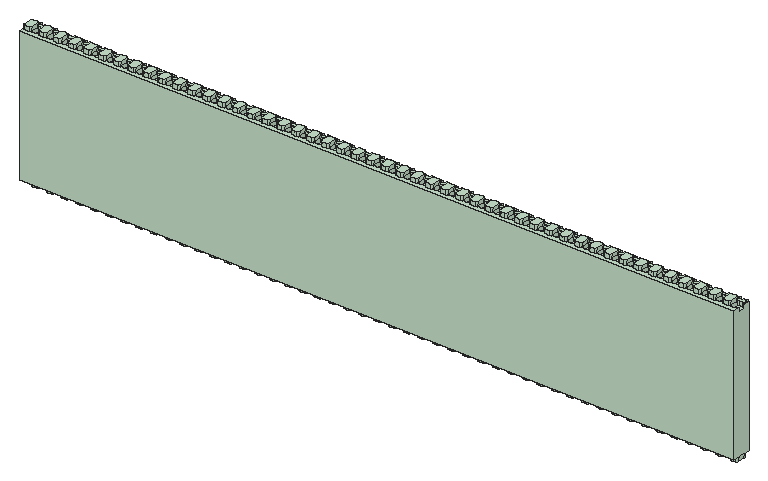
Revit family
Reference planes
  plane 1 "Center (Front/Back)": y = 0
  plane 2: z = 0
  plane 3 "Center (Left/Right)": x = 0
Forms (mm)
  Extrusion 1, solid, material "NUDURA Expanded Polystyrene Foam Insulation"
    sketch origin (0, -0.061, 0) x (1, 0, 0) y (0, 1, 0)
      loop
        line (7.142, -158.75) -> (0, -158.75) -> (0, -219.075) -> (2438.4, -219.075) -> (2438.4, -158.75) -> (2431.258, -158.75) -> (2432.842, -152.4) -> (2418.558, -152.4) -> (2420.142, -158.75) -> (2405.858, -158.75) -> (2407.442, -152.4) -> (2393.158, -152.4) -> (2394.742, -158.75) -> (2380.458, -158.75) -> (2382.042, -152.4) -> (2367.758, -152.4) -> (2369.342, -158.75) -> (2304.258, -158.75) -> (2305.842, -152.4) -> (2291.558, -152.4) -> (2293.142, -158.75) -> (2278.858, -158.75) -> (2280.442, -152.4) -> (2266.158, -152.4) -> (2267.742, -158.75) -> (2253.458, -158.75) -> (2255.042, -152.4) -> (2240.758, -152.4) -> (2242.342, -158.75) -> (2228.058, -158.75) -> (2229.642, -152.4) -> (2215.358, -152.4) -> (2216.942, -158.75) -> (2202.658, -158.75) -> (2204.242, -152.4) -> (2189.958, -152.4) -> (2191.542, -158.75) -> (2177.258, -158.75) -> (2178.842, -152.4) -> (2164.558, -152.4) -> (2166.142, -158.75) -> (2101.058, -158.75) -> (2102.642, -152.4) -> (2088.358, -152.4) -> (2089.942, -158.75) -> (2075.658, -158.75) -> (2077.242, -152.4) -> (2062.958, -152.4) -> (2064.542, -158.75) -> (2050.258, -158.75) -> (2051.842, -152.4) -> (2037.558, -152.4) -> (2039.142, -158.75) -> (2024.858, -158.75) -> (2026.442, -152.4) -> (2012.158, -152.4) -> (2013.742, -158.75) -> (1999.458, -158.75) -> (2001.042, -152.4) -> (1986.758, -152.4) -> (1988.342, -158.75) -> (1974.058, -158.75) -> (1975.642, -152.4) -> (1961.358, -152.4) -> (1962.942, -158.75) -> (1897.858, -158.75) -> (1899.442, -152.4) -> (1885.158, -152.4) -> (1886.742, -158.75) -> (1872.458, -158.75) -> (1874.042, -152.4) -> (1859.758, -152.4) -> (1861.342, -158.75) -> (1847.058, -158.75) -> (1848.642, -152.4) -> (1834.358, -152.4) -> (1835.942, -158.75) -> (1821.658, -158.75) -> (1823.242, -152.4) -> (1808.958, -152.4) -> (1810.542, -158.75) -> (1796.258, -158.75) -> (1797.842, -152.4) -> (1783.558, -152.4) -> (1785.142, -158.75) -> (1770.858, -158.75) -> (1772.442, -152.4) -> (1758.158, -152.4) -> (1759.742, -158.75) -> (1694.658, -158.75) -> (1696.242, -152.4) -> (1681.958, -152.4) -> (1683.542, -158.75) -> (1669.258, -158.75) -> (1670.842, -152.4) -> (1656.558, -152.4) -> (1658.142, -158.75) -> (1643.858, -158.75) -> (1645.442, -152.4) -> (1631.158, -152.4) -> (1632.742, -158.75) -> (1618.458, -158.75) -> (1620.042, -152.4) -> (1605.758, -152.4) -> (1607.342, -158.75) -> (1593.058, -158.75) -> (1594.642, -152.4) -> (1580.358, -152.4) -> (1581.942, -158.75) -> (1567.658, -158.75) -> (1569.242, -152.4) -> (1554.958, -152.4) -> (1556.542, -158.75) -> (1491.458, -158.75) -> (1493.042, -152.4) -> (1478.758, -152.4) -> (1480.342, -158.75) -> (1466.058, -158.75) -> (1467.642, -152.4) -> (1453.358, -152.4) -> (1454.942, -158.75) -> (1440.658, -158.75) -> (1442.242, -152.4) -> (1427.958, -152.4) -> (1429.542, -158.75) -> (1415.258, -158.75) -> (1416.842, -152.4) -> (1402.558, -152.4) -> (1404.142, -158.75) -> (1389.858, -158.75) -> (1391.442, -152.4) -> (1377.158, -152.4) -> (1378.742, -158.75) -> (1364.458, -158.75) -> (1366.042, -152.4) -> (1351.758, -152.4) -> (1353.342, -158.75) -> (1288.258, -158.75) -> (1289.842, -152.4) -> (1275.558, -152.4) -> (1277.142, -158.75) -> (1262.858, -158.75) -> (1264.442, -152.4) -> (1250.158, -152.4) -> (1251.742, -158.75) -> (1237.458, -158.75) -> (1239.042, -152.4) -> (1224.758, -152.4) -> (1226.342, -158.75) -> (1212.058, -158.75) -> (1213.642, -152.4) -> (1199.358, -152.4) -> (1200.942, -158.75) -> (1186.658, -158.75) -> (1188.242, -152.4) -> (1173.958, -152.4) -> (1175.542, -158.75) -> (1161.258, -158.75) -> (1162.842, -152.4) -> (1148.558, -152.4) -> (1150.142, -158.75) -> (1085.058, -158.75) -> (1086.642, -152.4) -> (1072.358, -152.4) -> (1073.942, -158.75) -> (1059.658, -158.75) -> (1061.242, -152.4) -> (1046.958, -152.4) -> (1048.542, -158.75) -> (1034.258, -158.75) -> (1035.842, -152.4) -> (1021.558, -152.4) -> (1023.142, -158.75) -> (1008.858, -158.75) -> (1010.442, -152.4) -> (996.158, -152.4) -> (997.742, -158.75) -> (983.458, -158.75) -> (985.042, -152.4) -> (970.758, -152.4) -> (972.342, -158.75) -> (958.058, -158.75) -> (959.642, -152.4) -> (945.358, -152.4) -> (946.942, -158.75) -> (881.858, -158.75) -> (883.442, -152.4) -> (869.158, -152.4) -> (870.742, -158.75) -> (856.458, -158.75) -> (858.042, -152.4) -> (843.758, -152.4) -> (845.342, -158.75) -> (831.058, -158.75) -> (832.642, -152.4) -> (818.358, -152.4) -> (819.942, -158.75) -> (805.658, -158.75) -> (807.242, -152.4) -> (792.958, -152.4) -> (794.542, -158.75) -> (780.258, -158.75) -> (781.842, -152.4) -> (767.558, -152.4) -> (769.142, -158.75) -> (754.858, -158.75) -> (756.442, -152.4) -> (742.158, -152.4) -> (743.742, -158.75) -> (678.658, -158.75) -> (680.242, -152.4) -> (665.958, -152.4) -> (667.542, -158.75) -> (653.258, -158.75) -> (654.842, -152.4) -> (640.558, -152.4) -> (642.142, -158.75) -> (627.858, -158.75) -> (629.442, -152.4) -> (615.158, -152.4) -> (616.742, -158.75) -> (602.458, -158.75) -> (604.042, -152.4) -> (589.758, -152.4) -> (591.342, -158.75) -> (577.058, -158.75) -> (578.642, -152.4) -> (564.358, -152.4) -> (565.942, -158.75) -> (551.658, -158.75) -> (553.242, -152.4) -> (538.958, -152.4) -> (540.542, -158.75) -> (475.458, -158.75) -> (477.042, -152.4) -> (462.758, -152.4) -> (464.342, -158.75) -> (450.058, -158.75) -> (451.642, -152.4) -> (437.358, -152.4) -> (438.942, -158.75) -> (424.658, -158.75) -> (426.242, -152.4) -> (411.958, -152.4) -> (413.542, -158.75) -> (399.258, -158.75) -> (400.842, -152.4) -> (386.558, -152.4) -> (388.142, -158.75) -> (373.858, -158.75) -> (375.442, -152.4) -> (361.158, -152.4) -> (362.742, -158.75) -> (348.458, -158.75) -> (350.042, -152.4) -> (335.758, -152.4) -> (337.342, -158.75) -> (272.258, -158.75) -> (273.842, -152.4) -> (259.558, -152.4) -> (261.142, -158.75) -> (246.858, -158.75) -> (248.442, -152.4) -> (234.158, -152.4) -> (235.742, -158.75) -> (221.458, -158.75) -> (223.042, -152.4) -> (208.758, -152.4) -> (210.342, -158.75) -> (196.058, -158.75) -> (197.642, -152.4) -> (183.358, -152.4) -> (184.942, -158.75) -> (170.658, -158.75) -> (172.242, -152.4) -> (157.958, -152.4) -> (159.542, -158.75) -> (145.258, -158.75) -> (146.842, -152.4) -> (132.558, -152.4) -> (134.142, -158.75) -> (69.058, -158.75) -> (70.642, -152.4) -> (56.358, -152.4) -> (57.942, -158.75) -> (43.658, -158.75) -> (45.242, -152.4) -> (30.958, -152.4) -> (32.542, -158.75) -> (18.258, -158.75) -> (19.842, -152.4) -> (5.558, -152.4) -> (7.142, -158.75)
    from 0 to 457.2
  Extrusion 2, void
    sketch origin (0, -76.261, 0) x (1, 0, 0) y (0, 1, 0)
      loop
        arc (25.4, -124.411) -> (26.615, -128.147) -> (29.796, -130.453) r 6.35
        arc (29.796, -130.453) -> (38.1, -131.763) -> (46.404, -130.453) r 26.987
        arc (46.404, -130.453) -> (49.585, -128.147) -> (50.8, -124.411) r 6.35
        line (50.8, -124.411) -> (50.8, -101.014)
        arc (50.8, -101.014) -> (50.362, -98.696) -> (49.108, -96.698) r 6.35
        arc (49.108, -96.698) -> (48.795, -96.199) -> (48.685, -95.62) r 1.588
        line (48.685, -95.62) -> (48.685, -86.829) -> (44.346, -86.829) -> (44.346, -92.457)
        arc (44.346, -92.457) -> (43.786, -93.668) -> (42.5, -94.024) r 1.587
        arc (42.5, -94.024) -> (36.091, -93.737) -> (29.796, -94.972) r 26.988
        arc (29.796, -94.972) -> (26.615, -97.278) -> (25.4, -101.014) r 6.35
        line (25.4, -101.014) -> (25.4, -124.411)
    from 457.2 to 444.5
  Extrusion 3, void
    sketch origin (50.8, -76.261, 0) x (1, 0, 0) y (0, 1, 0)
      loop
        arc (25.4, -124.411) -> (26.615, -128.147) -> (29.796, -130.453) r 6.35
        arc (29.796, -130.453) -> (38.1, -131.763) -> (46.404, -130.453) r 26.987
        arc (46.404, -130.453) -> (49.585, -128.147) -> (50.8, -124.411) r 6.35
        line (50.8, -124.411) -> (50.8, -101.014)
        arc (50.8, -101.014) -> (50.362, -98.696) -> (49.108, -96.698) r 6.35
        arc (49.108, -96.698) -> (48.795, -96.199) -> (48.685, -95.62) r 1.588
        line (48.685, -95.62) -> (48.685, -86.829) -> (44.346, -86.829) -> (44.346, -92.457)
        arc (44.346, -92.457) -> (43.786, -93.668) -> (42.5, -94.024) r 1.587
        arc (42.5, -94.024) -> (36.091, -93.737) -> (29.796, -94.972) r 26.988
        arc (29.796, -94.972) -> (26.615, -97.278) -> (25.4, -101.014) r 6.35
        line (25.4, -101.014) -> (25.4, -124.411)
    from 457.2 to 444.5
  Extrusion 4, void
    sketch origin (101.6, -76.261, 0) x (1, 0, 0) y (0, 1, 0)
      loop
        arc (25.4, -124.411) -> (26.615, -128.147) -> (29.796, -130.453) r 6.35
        arc (29.796, -130.453) -> (38.1, -131.763) -> (46.404, -130.453) r 26.987
        arc (46.404, -130.453) -> (49.585, -128.147) -> (50.8, -124.411) r 6.35
        line (50.8, -124.411) -> (50.8, -101.014)
        arc (50.8, -101.014) -> (50.362, -98.696) -> (49.108, -96.698) r 6.35
        arc (49.108, -96.698) -> (48.795, -96.199) -> (48.685, -95.62) r 1.588
        line (48.685, -95.62) -> (48.685, -86.829) -> (44.346, -86.829) -> (44.346, -92.457)
        arc (44.346, -92.457) -> (43.786, -93.668) -> (42.5, -94.024) r 1.587
        arc (42.5, -94.024) -> (36.091, -93.737) -> (29.796, -94.972) r 26.988
        arc (29.796, -94.972) -> (26.615, -97.278) -> (25.4, -101.014) r 6.35
        line (25.4, -101.014) -> (25.4, -124.411)
    from 457.2 to 444.5
  Extrusion 5, void
    sketch origin (152.4, -76.261, 0) x (1, 0, 0) y (0, 1, 0)
      loop
        arc (25.4, -124.411) -> (26.615, -128.147) -> (29.796, -130.453) r 6.35
        arc (29.796, -130.453) -> (38.1, -131.763) -> (46.404, -130.453) r 26.987
        arc (46.404, -130.453) -> (49.585, -128.147) -> (50.8, -124.411) r 6.35
        line (50.8, -124.411) -> (50.8, -101.014)
        arc (50.8, -101.014) -> (50.362, -98.696) -> (49.108, -96.698) r 6.35
        arc (49.108, -96.698) -> (48.795, -96.199) -> (48.685, -95.62) r 1.588
        line (48.685, -95.62) -> (48.685, -86.829) -> (44.346, -86.829) -> (44.346, -92.457)
        arc (44.346, -92.457) -> (43.786, -93.668) -> (42.5, -94.024) r 1.587
        arc (42.5, -94.024) -> (36.091, -93.737) -> (29.796, -94.972) r 26.988
        arc (29.796, -94.972) -> (26.615, -97.278) -> (25.4, -101.014) r 6.35
        line (25.4, -101.014) -> (25.4, -124.411)
    from 457.2 to 444.5
  Extrusion 6, void
    sketch origin (203.2, -76.261, 0) x (1, 0, 0) y (0, 1, 0)
      loop
        arc (25.4, -124.411) -> (26.615, -128.147) -> (29.796, -130.453) r 6.35
        arc (29.796, -130.453) -> (38.1, -131.763) -> (46.404, -130.453) r 26.987
        arc (46.404, -130.453) -> (49.585, -128.147) -> (50.8, -124.411) r 6.35
        line (50.8, -124.411) -> (50.8, -101.014)
        arc (50.8, -101.014) -> (50.362, -98.696) -> (49.108, -96.698) r 6.35
        arc (49.108, -96.698) -> (48.795, -96.199) -> (48.685, -95.62) r 1.588
        line (48.685, -95.62) -> (48.685, -86.829) -> (44.346, -86.829) -> (44.346, -92.457)
        arc (44.346, -92.457) -> (43.786, -93.668) -> (42.5, -94.024) r 1.587
        arc (42.5, -94.024) -> (36.091, -93.737) -> (29.796, -94.972) r 26.988
        arc (29.796, -94.972) -> (26.615, -97.278) -> (25.4, -101.014) r 6.35
        line (25.4, -101.014) -> (25.4, -124.411)
    from 457.2 to 444.5
  Extrusion 7, void
    sketch origin (254, -76.261, 0) x (1, 0, 0) y (0, 1, 0)
      loop
        arc (25.4, -124.411) -> (26.615, -128.147) -> (29.796, -130.453) r 6.35
        arc (29.796, -130.453) -> (38.1, -131.763) -> (46.404, -130.453) r 26.987
        arc (46.404, -130.453) -> (49.585, -128.147) -> (50.8, -124.411) r 6.35
        line (50.8, -124.411) -> (50.8, -101.014)
        arc (50.8, -101.014) -> (50.362, -98.696) -> (49.108, -96.698) r 6.35
        arc (49.108, -96.698) -> (48.795, -96.199) -> (48.685, -95.62) r 1.588
        line (48.685, -95.62) -> (48.685, -86.829) -> (44.346, -86.829) -> (44.346, -92.457)
        arc (44.346, -92.457) -> (43.786, -93.668) -> (42.5, -94.024) r 1.587
        arc (42.5, -94.024) -> (36.091, -93.737) -> (29.796, -94.972) r 26.988
        arc (29.796, -94.972) -> (26.615, -97.278) -> (25.4, -101.014) r 6.35
        line (25.4, -101.014) -> (25.4, -124.411)
    from 457.2 to 444.5
  Extrusion 8, void
    sketch origin (304.8, -76.261, 0) x (1, 0, 0) y (0, 1, 0)
      loop
        arc (25.4, -124.411) -> (26.615, -128.147) -> (29.796, -130.453) r 6.35
        arc (29.796, -130.453) -> (38.1, -131.763) -> (46.404, -130.453) r 26.987
        arc (46.404, -130.453) -> (49.585, -128.147) -> (50.8, -124.411) r 6.35
        line (50.8, -124.411) -> (50.8, -101.014)
        arc (50.8, -101.014) -> (50.362, -98.696) -> (49.108, -96.698) r 6.35
        arc (49.108, -96.698) -> (48.795, -96.199) -> (48.685, -95.62) r 1.588
        line (48.685, -95.62) -> (48.685, -86.829) -> (44.346, -86.829) -> (44.346, -92.457)
        arc (44.346, -92.457) -> (43.786, -93.668) -> (42.5, -94.024) r 1.587
        arc (42.5, -94.024) -> (36.091, -93.737) -> (29.796, -94.972) r 26.988
        arc (29.796, -94.972) -> (26.615, -97.278) -> (25.4, -101.014) r 6.35
        line (25.4, -101.014) -> (25.4, -124.411)
    from 457.2 to 444.5
  Extrusion 9, void
    sketch origin (355.6, -76.261, 0) x (1, 0, 0) y (0, 1, 0)
      loop
        arc (25.4, -124.411) -> (26.615, -128.147) -> (29.796, -130.453) r 6.35
        arc (29.796, -130.453) -> (38.1, -131.763) -> (46.404, -130.453) r 26.987
        arc (46.404, -130.453) -> (49.585, -128.147) -> (50.8, -124.411) r 6.35
        line (50.8, -124.411) -> (50.8, -101.014)
        arc (50.8, -101.014) -> (50.362, -98.696) -> (49.108, -96.698) r 6.35
        arc (49.108, -96.698) -> (48.795, -96.199) -> (48.685, -95.62) r 1.588
        line (48.685, -95.62) -> (48.685, -86.829) -> (44.346, -86.829) -> (44.346, -92.457)
        arc (44.346, -92.457) -> (43.786, -93.668) -> (42.5, -94.024) r 1.587
        arc (42.5, -94.024) -> (36.091, -93.737) -> (29.796, -94.972) r 26.988
        arc (29.796, -94.972) -> (26.615, -97.278) -> (25.4, -101.014) r 6.35
        line (25.4, -101.014) -> (25.4, -124.411)
    from 457.2 to 444.5
  Extrusion 10, void
    sketch origin (406.4, -76.261, 0) x (1, 0, 0) y (0, 1, 0)
      loop
        arc (25.4, -124.411) -> (26.615, -128.147) -> (29.796, -130.453) r 6.35
        arc (29.796, -130.453) -> (38.1, -131.763) -> (46.404, -130.453) r 26.987
        arc (46.404, -130.453) -> (49.585, -128.147) -> (50.8, -124.411) r 6.35
        line (50.8, -124.411) -> (50.8, -101.014)
        arc (50.8, -101.014) -> (50.362, -98.696) -> (49.108, -96.698) r 6.35
        arc (49.108, -96.698) -> (48.795, -96.199) -> (48.685, -95.62) r 1.588
        line (48.685, -95.62) -> (48.685, -86.829) -> (44.346, -86.829) -> (44.346, -92.457)
        arc (44.346, -92.457) -> (43.786, -93.668) -> (42.5, -94.024) r 1.587
        arc (42.5, -94.024) -> (36.091, -93.737) -> (29.796, -94.972) r 26.988
        arc (29.796, -94.972) -> (26.615, -97.278) -> (25.4, -101.014) r 6.35
        line (25.4, -101.014) -> (25.4, -124.411)
    from 457.2 to 444.5
  Extrusion 11, void
    sketch origin (457.2, -76.261, 0) x (1, 0, 0) y (0, 1, 0)
      loop
        arc (25.4, -124.411) -> (26.615, -128.147) -> (29.796, -130.453) r 6.35
        arc (29.796, -130.453) -> (38.1, -131.763) -> (46.404, -130.453) r 26.987
        arc (46.404, -130.453) -> (49.585, -128.147) -> (50.8, -124.411) r 6.35
        line (50.8, -124.411) -> (50.8, -101.014)
        arc (50.8, -101.014) -> (50.362, -98.696) -> (49.108, -96.698) r 6.35
        arc (49.108, -96.698) -> (48.795, -96.199) -> (48.685, -95.62) r 1.588
        line (48.685, -95.62) -> (48.685, -86.829) -> (44.346, -86.829) -> (44.346, -92.457)
        arc (44.346, -92.457) -> (43.786, -93.668) -> (42.5, -94.024) r 1.587
        arc (42.5, -94.024) -> (36.091, -93.737) -> (29.796, -94.972) r 26.988
        arc (29.796, -94.972) -> (26.615, -97.278) -> (25.4, -101.014) r 6.35
        line (25.4, -101.014) -> (25.4, -124.411)
    from 457.2 to 444.5
  Extrusion 12, void
    sketch origin (508, -76.261, 0) x (1, 0, 0) y (0, 1, 0)
      loop
        arc (25.4, -124.411) -> (26.615, -128.147) -> (29.796, -130.453) r 6.35
        arc (29.796, -130.453) -> (38.1, -131.763) -> (46.404, -130.453) r 26.987
        arc (46.404, -130.453) -> (49.585, -128.147) -> (50.8, -124.411) r 6.35
        line (50.8, -124.411) -> (50.8, -101.014)
        arc (50.8, -101.014) -> (50.362, -98.696) -> (49.108, -96.698) r 6.35
        arc (49.108, -96.698) -> (48.795, -96.199) -> (48.685, -95.62) r 1.588
        line (48.685, -95.62) -> (48.685, -86.829) -> (44.346, -86.829) -> (44.346, -92.457)
        arc (44.346, -92.457) -> (43.786, -93.668) -> (42.5, -94.024) r 1.587
        arc (42.5, -94.024) -> (36.091, -93.737) -> (29.796, -94.972) r 26.988
        arc (29.796, -94.972) -> (26.615, -97.278) -> (25.4, -101.014) r 6.35
        line (25.4, -101.014) -> (25.4, -124.411)
    from 457.2 to 444.5
  Extrusion 13, void
    sketch origin (558.8, -76.261, 0) x (1, 0, 0) y (0, 1, 0)
      loop
        arc (25.4, -124.411) -> (26.615, -128.147) -> (29.796, -130.453) r 6.35
        arc (29.796, -130.453) -> (38.1, -131.763) -> (46.404, -130.453) r 26.987
        arc (46.404, -130.453) -> (49.585, -128.147) -> (50.8, -124.411) r 6.35
        line (50.8, -124.411) -> (50.8, -101.014)
        arc (50.8, -101.014) -> (50.362, -98.696) -> (49.108, -96.698) r 6.35
        arc (49.108, -96.698) -> (48.795, -96.199) -> (48.685, -95.62) r 1.588
        line (48.685, -95.62) -> (48.685, -86.829) -> (44.346, -86.829) -> (44.346, -92.457)
        arc (44.346, -92.457) -> (43.786, -93.668) -> (42.5, -94.024) r 1.587
        arc (42.5, -94.024) -> (36.091, -93.737) -> (29.796, -94.972) r 26.988
        arc (29.796, -94.972) -> (26.615, -97.278) -> (25.4, -101.014) r 6.35
        line (25.4, -101.014) -> (25.4, -124.411)
    from 457.2 to 444.5
  Extrusion 14, void
    sketch origin (609.6, -76.261, 0) x (1, 0, 0) y (0, 1, 0)
      loop
        arc (25.4, -124.411) -> (26.615, -128.147) -> (29.796, -130.453) r 6.35
        arc (29.796, -130.453) -> (38.1, -131.763) -> (46.404, -130.453) r 26.987
        arc (46.404, -130.453) -> (49.585, -128.147) -> (50.8, -124.411) r 6.35
        line (50.8, -124.411) -> (50.8, -101.014)
        arc (50.8, -101.014) -> (50.362, -98.696) -> (49.108, -96.698) r 6.35
        arc (49.108, -96.698) -> (48.795, -96.199) -> (48.685, -95.62) r 1.588
        line (48.685, -95.62) -> (48.685, -86.829) -> (44.346, -86.829) -> (44.346, -92.457)
        arc (44.346, -92.457) -> (43.786, -93.668) -> (42.5, -94.024) r 1.587
        arc (42.5, -94.024) -> (36.091, -93.737) -> (29.796, -94.972) r 26.988
        arc (29.796, -94.972) -> (26.615, -97.278) -> (25.4, -101.014) r 6.35
        line (25.4, -101.014) -> (25.4, -124.411)
    from 457.2 to 444.5
  Extrusion 15, void
    sketch origin (660.4, -76.261, 0) x (1, 0, 0) y (0, 1, 0)
      loop
        arc (25.4, -124.411) -> (26.615, -128.147) -> (29.796, -130.453) r 6.35
        arc (29.796, -130.453) -> (38.1, -131.763) -> (46.404, -130.453) r 26.987
        arc (46.404, -130.453) -> (49.585, -128.147) -> (50.8, -124.411) r 6.35
        line (50.8, -124.411) -> (50.8, -101.014)
        arc (50.8, -101.014) -> (50.362, -98.696) -> (49.108, -96.698) r 6.35
        arc (49.108, -96.698) -> (48.795, -96.199) -> (48.685, -95.62) r 1.588
        line (48.685, -95.62) -> (48.685, -86.829) -> (44.346, -86.829) -> (44.346, -92.457)
        arc (44.346, -92.457) -> (43.786, -93.668) -> (42.5, -94.024) r 1.587
        arc (42.5, -94.024) -> (36.091, -93.737) -> (29.796, -94.972) r 26.988
        arc (29.796, -94.972) -> (26.615, -97.278) -> (25.4, -101.014) r 6.35
        line (25.4, -101.014) -> (25.4, -124.411)
    from 457.2 to 444.5
  Extrusion 16, void
    sketch origin (711.2, -76.261, 0) x (1, 0, 0) y (0, 1, 0)
      loop
        arc (25.4, -124.411) -> (26.615, -128.147) -> (29.796, -130.453) r 6.35
        arc (29.796, -130.453) -> (38.1, -131.763) -> (46.404, -130.453) r 26.987
        arc (46.404, -130.453) -> (49.585, -128.147) -> (50.8, -124.411) r 6.35
        line (50.8, -124.411) -> (50.8, -101.014)
        arc (50.8, -101.014) -> (50.362, -98.696) -> (49.108, -96.698) r 6.35
        arc (49.108, -96.698) -> (48.795, -96.199) -> (48.685, -95.62) r 1.588
        line (48.685, -95.62) -> (48.685, -86.829) -> (44.346, -86.829) -> (44.346, -92.457)
        arc (44.346, -92.457) -> (43.786, -93.668) -> (42.5, -94.024) r 1.587
        arc (42.5, -94.024) -> (36.091, -93.737) -> (29.796, -94.972) r 26.988
        arc (29.796, -94.972) -> (26.615, -97.278) -> (25.4, -101.014) r 6.35
        line (25.4, -101.014) -> (25.4, -124.411)
    from 457.2 to 444.5
  Extrusion 17, void
    sketch origin (762, -76.261, 0) x (1, 0, 0) y (0, 1, 0)
      loop
        arc (25.4, -124.411) -> (26.615, -128.147) -> (29.796, -130.453) r 6.35
        arc (29.796, -130.453) -> (38.1, -131.763) -> (46.404, -130.453) r 26.987
        arc (46.404, -130.453) -> (49.585, -128.147) -> (50.8, -124.411) r 6.35
        line (50.8, -124.411) -> (50.8, -101.014)
        arc (50.8, -101.014) -> (50.362, -98.696) -> (49.108, -96.698) r 6.35
        arc (49.108, -96.698) -> (48.795, -96.199) -> (48.685, -95.62) r 1.588
        line (48.685, -95.62) -> (48.685, -86.829) -> (44.346, -86.829) -> (44.346, -92.457)
        arc (44.346, -92.457) -> (43.786, -93.668) -> (42.5, -94.024) r 1.587
        arc (42.5, -94.024) -> (36.091, -93.737) -> (29.796, -94.972) r 26.988
        arc (29.796, -94.972) -> (26.615, -97.278) -> (25.4, -101.014) r 6.35
        line (25.4, -101.014) -> (25.4, -124.411)
    from 457.2 to 444.5
  Extrusion 18, void
    sketch origin (812.8, -76.261, 0) x (1, 0, 0) y (0, 1, 0)
      loop
        arc (25.4, -124.411) -> (26.615, -128.147) -> (29.796, -130.453) r 6.35
        arc (29.796, -130.453) -> (38.1, -131.763) -> (46.404, -130.453) r 26.987
        arc (46.404, -130.453) -> (49.585, -128.147) -> (50.8, -124.411) r 6.35
        line (50.8, -124.411) -> (50.8, -101.014)
        arc (50.8, -101.014) -> (50.362, -98.696) -> (49.108, -96.698) r 6.35
        arc (49.108, -96.698) -> (48.795, -96.199) -> (48.685, -95.62) r 1.588
        line (48.685, -95.62) -> (48.685, -86.829) -> (44.346, -86.829) -> (44.346, -92.457)
        arc (44.346, -92.457) -> (43.786, -93.668) -> (42.5, -94.024) r 1.587
        arc (42.5, -94.024) -> (36.091, -93.737) -> (29.796, -94.972) r 26.988
        arc (29.796, -94.972) -> (26.615, -97.278) -> (25.4, -101.014) r 6.35
        line (25.4, -101.014) -> (25.4, -124.411)
    from 457.2 to 444.5
  Extrusion 19, void
    sketch origin (863.6, -76.261, 0) x (1, 0, 0) y (0, 1, 0)
      loop
        arc (25.4, -124.411) -> (26.615, -128.147) -> (29.796, -130.453) r 6.35
        arc (29.796, -130.453) -> (38.1, -131.763) -> (46.404, -130.453) r 26.987
        arc (46.404, -130.453) -> (49.585, -128.147) -> (50.8, -124.411) r 6.35
        line (50.8, -124.411) -> (50.8, -101.014)
        arc (50.8, -101.014) -> (50.362, -98.696) -> (49.108, -96.698) r 6.35
        arc (49.108, -96.698) -> (48.795, -96.199) -> (48.685, -95.62) r 1.588
        line (48.685, -95.62) -> (48.685, -86.829) -> (44.346, -86.829) -> (44.346, -92.457)
        arc (44.346, -92.457) -> (43.786, -93.668) -> (42.5, -94.024) r 1.587
        arc (42.5, -94.024) -> (36.091, -93.737) -> (29.796, -94.972) r 26.988
        arc (29.796, -94.972) -> (26.615, -97.278) -> (25.4, -101.014) r 6.35
        line (25.4, -101.014) -> (25.4, -124.411)
    from 457.2 to 444.5
  Extrusion 20, void
    sketch origin (914.4, -76.261, 0) x (1, 0, 0) y (0, 1, 0)
      loop
        arc (25.4, -124.411) -> (26.615, -128.147) -> (29.796, -130.453) r 6.35
        arc (29.796, -130.453) -> (38.1, -131.763) -> (46.404, -130.453) r 26.987
        arc (46.404, -130.453) -> (49.585, -128.147) -> (50.8, -124.411) r 6.35
        line (50.8, -124.411) -> (50.8, -101.014)
        arc (50.8, -101.014) -> (50.362, -98.696) -> (49.108, -96.698) r 6.35
        arc (49.108, -96.698) -> (48.795, -96.199) -> (48.685, -95.62) r 1.588
        line (48.685, -95.62) -> (48.685, -86.829) -> (44.346, -86.829) -> (44.346, -92.457)
        arc (44.346, -92.457) -> (43.786, -93.668) -> (42.5, -94.024) r 1.587
        arc (42.5, -94.024) -> (36.091, -93.737) -> (29.796, -94.972) r 26.988
        arc (29.796, -94.972) -> (26.615, -97.278) -> (25.4, -101.014) r 6.35
        line (25.4, -101.014) -> (25.4, -124.411)
    from 457.2 to 444.5
  Extrusion 21, void
    sketch origin (965.2, -76.261, 0) x (1, 0, 0) y (0, 1, 0)
      loop
        arc (25.4, -124.411) -> (26.615, -128.147) -> (29.796, -130.453) r 6.35
        arc (29.796, -130.453) -> (38.1, -131.763) -> (46.404, -130.453) r 26.987
        arc (46.404, -130.453) -> (49.585, -128.147) -> (50.8, -124.411) r 6.35
        line (50.8, -124.411) -> (50.8, -101.014)
        arc (50.8, -101.014) -> (50.362, -98.696) -> (49.108, -96.698) r 6.35
        arc (49.108, -96.698) -> (48.795, -96.199) -> (48.685, -95.62) r 1.588
        line (48.685, -95.62) -> (48.685, -86.829) -> (44.346, -86.829) -> (44.346, -92.457)
        arc (44.346, -92.457) -> (43.786, -93.668) -> (42.5, -94.024) r 1.587
        arc (42.5, -94.024) -> (36.091, -93.737) -> (29.796, -94.972) r 26.988
        arc (29.796, -94.972) -> (26.615, -97.278) -> (25.4, -101.014) r 6.35
        line (25.4, -101.014) -> (25.4, -124.411)
    from 457.2 to 444.5
  Extrusion 22, void
    sketch origin (1016, -76.261, 0) x (1, 0, 0) y (0, 1, 0)
      loop
        arc (25.4, -124.411) -> (26.615, -128.147) -> (29.796, -130.453) r 6.35
        arc (29.796, -130.453) -> (38.1, -131.763) -> (46.404, -130.453) r 26.987
        arc (46.404, -130.453) -> (49.585, -128.147) -> (50.8, -124.411) r 6.35
        line (50.8, -124.411) -> (50.8, -101.014)
        arc (50.8, -101.014) -> (50.362, -98.696) -> (49.108, -96.698) r 6.35
        arc (49.108, -96.698) -> (48.795, -96.199) -> (48.685, -95.62) r 1.588
        line (48.685, -95.62) -> (48.685, -86.829) -> (44.346, -86.829) -> (44.346, -92.457)
        arc (44.346, -92.457) -> (43.786, -93.668) -> (42.5, -94.024) r 1.587
        arc (42.5, -94.024) -> (36.091, -93.737) -> (29.796, -94.972) r 26.988
        arc (29.796, -94.972) -> (26.615, -97.278) -> (25.4, -101.014) r 6.35
        line (25.4, -101.014) -> (25.4, -124.411)
    from 457.2 to 444.5
  Extrusion 23, void
    sketch origin (1066.8, -76.261, 0) x (1, 0, 0) y (0, 1, 0)
      loop
        arc (25.4, -124.411) -> (26.615, -128.147) -> (29.796, -130.453) r 6.35
        arc (29.796, -130.453) -> (38.1, -131.763) -> (46.404, -130.453) r 26.987
        arc (46.404, -130.453) -> (49.585, -128.147) -> (50.8, -124.411) r 6.35
        line (50.8, -124.411) -> (50.8, -101.014)
        arc (50.8, -101.014) -> (50.362, -98.696) -> (49.108, -96.698) r 6.35
        arc (49.108, -96.698) -> (48.795, -96.199) -> (48.685, -95.62) r 1.588
        line (48.685, -95.62) -> (48.685, -86.829) -> (44.346, -86.829) -> (44.346, -92.457)
        arc (44.346, -92.457) -> (43.786, -93.668) -> (42.5, -94.024) r 1.587
        arc (42.5, -94.024) -> (36.091, -93.737) -> (29.796, -94.972) r 26.988
        arc (29.796, -94.972) -> (26.615, -97.278) -> (25.4, -101.014) r 6.35
        line (25.4, -101.014) -> (25.4, -124.411)
    from 457.2 to 444.5
  Extrusion 24, void
    sketch origin (1117.6, -76.261, 0) x (1, 0, 0) y (0, 1, 0)
      loop
        arc (25.4, -124.411) -> (26.615, -128.147) -> (29.796, -130.453) r 6.35
        arc (29.796, -130.453) -> (38.1, -131.763) -> (46.404, -130.453) r 26.987
        arc (46.404, -130.453) -> (49.585, -128.147) -> (50.8, -124.411) r 6.35
        line (50.8, -124.411) -> (50.8, -101.014)
        arc (50.8, -101.014) -> (50.362, -98.696) -> (49.108, -96.698) r 6.35
        arc (49.108, -96.698) -> (48.795, -96.199) -> (48.685, -95.62) r 1.588
        line (48.685, -95.62) -> (48.685, -86.829) -> (44.346, -86.829) -> (44.346, -92.457)
        arc (44.346, -92.457) -> (43.786, -93.668) -> (42.5, -94.024) r 1.587
        arc (42.5, -94.024) -> (36.091, -93.737) -> (29.796, -94.972) r 26.988
        arc (29.796, -94.972) -> (26.615, -97.278) -> (25.4, -101.014) r 6.35
        line (25.4, -101.014) -> (25.4, -124.411)
    from 457.2 to 444.5
  Extrusion 25, void
    sketch origin (1168.4, -76.261, 0) x (1, 0, 0) y (0, 1, 0)
      loop
        arc (25.4, -124.411) -> (26.615, -128.147) -> (29.796, -130.453) r 6.35
        arc (29.796, -130.453) -> (38.1, -131.763) -> (46.404, -130.453) r 26.987
        arc (46.404, -130.453) -> (49.585, -128.147) -> (50.8, -124.411) r 6.35
        line (50.8, -124.411) -> (50.8, -101.014)
        arc (50.8, -101.014) -> (50.362, -98.696) -> (49.108, -96.698) r 6.35
        arc (49.108, -96.698) -> (48.795, -96.199) -> (48.685, -95.62) r 1.588
        line (48.685, -95.62) -> (48.685, -86.829) -> (44.346, -86.829) -> (44.346, -92.457)
        arc (44.346, -92.457) -> (43.786, -93.668) -> (42.5, -94.024) r 1.587
        arc (42.5, -94.024) -> (36.091, -93.737) -> (29.796, -94.972) r 26.988
        arc (29.796, -94.972) -> (26.615, -97.278) -> (25.4, -101.014) r 6.35
        line (25.4, -101.014) -> (25.4, -124.411)
    from 457.2 to 444.5
  Extrusion 26, void
    sketch origin (1219.2, -76.261, 0) x (1, 0, 0) y (0, 1, 0)
      loop
        arc (25.4, -124.411) -> (26.615, -128.147) -> (29.796, -130.453) r 6.35
        arc (29.796, -130.453) -> (38.1, -131.763) -> (46.404, -130.453) r 26.987
        arc (46.404, -130.453) -> (49.585, -128.147) -> (50.8, -124.411) r 6.35
        line (50.8, -124.411) -> (50.8, -101.014)
        arc (50.8, -101.014) -> (50.362, -98.696) -> (49.108, -96.698) r 6.35
        arc (49.108, -96.698) -> (48.795, -96.199) -> (48.685, -95.62) r 1.588
        line (48.685, -95.62) -> (48.685, -86.829) -> (44.346, -86.829) -> (44.346, -92.457)
        arc (44.346, -92.457) -> (43.786, -93.668) -> (42.5, -94.024) r 1.587
        arc (42.5, -94.024) -> (36.091, -93.737) -> (29.796, -94.972) r 26.988
        arc (29.796, -94.972) -> (26.615, -97.278) -> (25.4, -101.014) r 6.35
        line (25.4, -101.014) -> (25.4, -124.411)
    from 457.2 to 444.5
  Extrusion 27, void
    sketch origin (1270, -76.261, 0) x (1, 0, 0) y (0, 1, 0)
      loop
        arc (25.4, -124.411) -> (26.615, -128.147) -> (29.796, -130.453) r 6.35
        arc (29.796, -130.453) -> (38.1, -131.763) -> (46.404, -130.453) r 26.987
        arc (46.404, -130.453) -> (49.585, -128.147) -> (50.8, -124.411) r 6.35
        line (50.8, -124.411) -> (50.8, -101.014)
        arc (50.8, -101.014) -> (50.362, -98.696) -> (49.108, -96.698) r 6.35
        arc (49.108, -96.698) -> (48.795, -96.199) -> (48.685, -95.62) r 1.588
        line (48.685, -95.62) -> (48.685, -86.829) -> (44.346, -86.829) -> (44.346, -92.457)
        arc (44.346, -92.457) -> (43.786, -93.668) -> (42.5, -94.024) r 1.587
        arc (42.5, -94.024) -> (36.091, -93.737) -> (29.796, -94.972) r 26.988
        arc (29.796, -94.972) -> (26.615, -97.278) -> (25.4, -101.014) r 6.35
        line (25.4, -101.014) -> (25.4, -124.411)
    from 457.2 to 444.5
  Extrusion 28, void
    sketch origin (1320.8, -76.261, 0) x (1, 0, 0) y (0, 1, 0)
      loop
        arc (25.4, -124.411) -> (26.615, -128.147) -> (29.796, -130.453) r 6.35
        arc (29.796, -130.453) -> (38.1, -131.763) -> (46.404, -130.453) r 26.987
        arc (46.404, -130.453) -> (49.585, -128.147) -> (50.8, -124.411) r 6.35
        line (50.8, -124.411) -> (50.8, -101.014)
        arc (50.8, -101.014) -> (50.362, -98.696) -> (49.108, -96.698) r 6.35
        arc (49.108, -96.698) -> (48.795, -96.199) -> (48.685, -95.62) r 1.588
        line (48.685, -95.62) -> (48.685, -86.829) -> (44.346, -86.829) -> (44.346, -92.457)
        arc (44.346, -92.457) -> (43.786, -93.668) -> (42.5, -94.024) r 1.587
        arc (42.5, -94.024) -> (36.091, -93.737) -> (29.796, -94.972) r 26.988
        arc (29.796, -94.972) -> (26.615, -97.278) -> (25.4, -101.014) r 6.35
        line (25.4, -101.014) -> (25.4, -124.411)
    from 457.2 to 444.5
  Extrusion 29, void
    sketch origin (1371.6, -76.261, 0) x (1, 0, 0) y (0, 1, 0)
      loop
        arc (25.4, -124.411) -> (26.615, -128.147) -> (29.796, -130.453) r 6.35
        arc (29.796, -130.453) -> (38.1, -131.763) -> (46.404, -130.453) r 26.987
        arc (46.404, -130.453) -> (49.585, -128.147) -> (50.8, -124.411) r 6.35
        line (50.8, -124.411) -> (50.8, -101.014)
        arc (50.8, -101.014) -> (50.362, -98.696) -> (49.108, -96.698) r 6.35
        arc (49.108, -96.698) -> (48.795, -96.199) -> (48.685, -95.62) r 1.588
        line (48.685, -95.62) -> (48.685, -86.829) -> (44.346, -86.829) -> (44.346, -92.457)
        arc (44.346, -92.457) -> (43.786, -93.668) -> (42.5, -94.024) r 1.587
        arc (42.5, -94.024) -> (36.091, -93.737) -> (29.796, -94.972) r 26.988
        arc (29.796, -94.972) -> (26.615, -97.278) -> (25.4, -101.014) r 6.35
        line (25.4, -101.014) -> (25.4, -124.411)
    from 457.2 to 444.5
  Extrusion 30, void
    sketch origin (1422.4, -76.261, 0) x (1, 0, 0) y (0, 1, 0)
      loop
        arc (25.4, -124.411) -> (26.615, -128.147) -> (29.796, -130.453) r 6.35
        arc (29.796, -130.453) -> (38.1, -131.763) -> (46.404, -130.453) r 26.987
        arc (46.404, -130.453) -> (49.585, -128.147) -> (50.8, -124.411) r 6.35
        line (50.8, -124.411) -> (50.8, -101.014)
        arc (50.8, -101.014) -> (50.362, -98.696) -> (49.108, -96.698) r 6.35
        arc (49.108, -96.698) -> (48.795, -96.199) -> (48.685, -95.62) r 1.588
        line (48.685, -95.62) -> (48.685, -86.829) -> (44.346, -86.829) -> (44.346, -92.457)
        arc (44.346, -92.457) -> (43.786, -93.668) -> (42.5, -94.024) r 1.587
        arc (42.5, -94.024) -> (36.091, -93.737) -> (29.796, -94.972) r 26.988
        arc (29.796, -94.972) -> (26.615, -97.278) -> (25.4, -101.014) r 6.35
        line (25.4, -101.014) -> (25.4, -124.411)
    from 457.2 to 444.5
  Extrusion 31, void
    sketch origin (1473.2, -76.261, 0) x (1, 0, 0) y (0, 1, 0)
      loop
        arc (25.4, -124.411) -> (26.615, -128.147) -> (29.796, -130.453) r 6.35
        arc (29.796, -130.453) -> (38.1, -131.763) -> (46.404, -130.453) r 26.987
        arc (46.404, -130.453) -> (49.585, -128.147) -> (50.8, -124.411) r 6.35
        line (50.8, -124.411) -> (50.8, -101.014)
        arc (50.8, -101.014) -> (50.362, -98.696) -> (49.108, -96.698) r 6.35
        arc (49.108, -96.698) -> (48.795, -96.199) -> (48.685, -95.62) r 1.588
        line (48.685, -95.62) -> (48.685, -86.829) -> (44.346, -86.829) -> (44.346, -92.457)
        arc (44.346, -92.457) -> (43.786, -93.668) -> (42.5, -94.024) r 1.587
        arc (42.5, -94.024) -> (36.091, -93.737) -> (29.796, -94.972) r 26.988
        arc (29.796, -94.972) -> (26.615, -97.278) -> (25.4, -101.014) r 6.35
        line (25.4, -101.014) -> (25.4, -124.411)
    from 457.2 to 444.5
  Extrusion 32, void
    sketch origin (1524, -76.261, 0) x (1, 0, 0) y (0, 1, 0)
      loop
        arc (25.4, -124.411) -> (26.615, -128.147) -> (29.796, -130.453) r 6.35
        arc (29.796, -130.453) -> (38.1, -131.763) -> (46.404, -130.453) r 26.987
        arc (46.404, -130.453) -> (49.585, -128.147) -> (50.8, -124.411) r 6.35
        line (50.8, -124.411) -> (50.8, -101.014)
        arc (50.8, -101.014) -> (50.362, -98.696) -> (49.108, -96.698) r 6.35
        arc (49.108, -96.698) -> (48.795, -96.199) -> (48.685, -95.62) r 1.588
        line (48.685, -95.62) -> (48.685, -86.829) -> (44.346, -86.829) -> (44.346, -92.457)
        arc (44.346, -92.457) -> (43.786, -93.668) -> (42.5, -94.024) r 1.587
        arc (42.5, -94.024) -> (36.091, -93.737) -> (29.796, -94.972) r 26.988
        arc (29.796, -94.972) -> (26.615, -97.278) -> (25.4, -101.014) r 6.35
        line (25.4, -101.014) -> (25.4, -124.411)
    from 457.2 to 444.5
  Extrusion 33, void
    sketch origin (1574.8, -76.261, 0) x (1, 0, 0) y (0, 1, 0)
      loop
        arc (25.4, -124.411) -> (26.615, -128.147) -> (29.796, -130.453) r 6.35
        arc (29.796, -130.453) -> (38.1, -131.763) -> (46.404, -130.453) r 26.987
        arc (46.404, -130.453) -> (49.585, -128.147) -> (50.8, -124.411) r 6.35
        line (50.8, -124.411) -> (50.8, -101.014)
        arc (50.8, -101.014) -> (50.362, -98.696) -> (49.108, -96.698) r 6.35
        arc (49.108, -96.698) -> (48.795, -96.199) -> (48.685, -95.62) r 1.588
        line (48.685, -95.62) -> (48.685, -86.829) -> (44.346, -86.829) -> (44.346, -92.457)
        arc (44.346, -92.457) -> (43.786, -93.668) -> (42.5, -94.024) r 1.587
        arc (42.5, -94.024) -> (36.091, -93.737) -> (29.796, -94.972) r 26.988
        arc (29.796, -94.972) -> (26.615, -97.278) -> (25.4, -101.014) r 6.35
        line (25.4, -101.014) -> (25.4, -124.411)
    from 457.2 to 444.5
  Extrusion 34, void
    sketch origin (1625.6, -76.261, 0) x (1, 0, 0) y (0, 1, 0)
      loop
        arc (25.4, -124.411) -> (26.615, -128.147) -> (29.796, -130.453) r 6.35
        arc (29.796, -130.453) -> (38.1, -131.763) -> (46.404, -130.453) r 26.987
        arc (46.404, -130.453) -> (49.585, -128.147) -> (50.8, -124.411) r 6.35
        line (50.8, -124.411) -> (50.8, -101.014)
        arc (50.8, -101.014) -> (50.362, -98.696) -> (49.108, -96.698) r 6.35
        arc (49.108, -96.698) -> (48.795, -96.199) -> (48.685, -95.62) r 1.588
        line (48.685, -95.62) -> (48.685, -86.829) -> (44.346, -86.829) -> (44.346, -92.457)
        arc (44.346, -92.457) -> (43.786, -93.668) -> (42.5, -94.024) r 1.587
        arc (42.5, -94.024) -> (36.091, -93.737) -> (29.796, -94.972) r 26.988
        arc (29.796, -94.972) -> (26.615, -97.278) -> (25.4, -101.014) r 6.35
        line (25.4, -101.014) -> (25.4, -124.411)
    from 457.2 to 444.5
  Extrusion 35, void
    sketch origin (1676.4, -76.261, 0) x (1, 0, 0) y (0, 1, 0)
      loop
        arc (25.4, -124.411) -> (26.615, -128.147) -> (29.796, -130.453) r 6.35
        arc (29.796, -130.453) -> (38.1, -131.763) -> (46.404, -130.453) r 26.987
        arc (46.404, -130.453) -> (49.585, -128.147) -> (50.8, -124.411) r 6.35
        line (50.8, -124.411) -> (50.8, -101.014)
        arc (50.8, -101.014) -> (50.362, -98.696) -> (49.108, -96.698) r 6.35
        arc (49.108, -96.698) -> (48.795, -96.199) -> (48.685, -95.62) r 1.588
        line (48.685, -95.62) -> (48.685, -86.829) -> (44.346, -86.829) -> (44.346, -92.457)
        arc (44.346, -92.457) -> (43.786, -93.668) -> (42.5, -94.024) r 1.587
        arc (42.5, -94.024) -> (36.091, -93.737) -> (29.796, -94.972) r 26.988
        arc (29.796, -94.972) -> (26.615, -97.278) -> (25.4, -101.014) r 6.35
        line (25.4, -101.014) -> (25.4, -124.411)
    from 457.2 to 444.5
  Extrusion 36, void
    sketch origin (1727.2, -76.261, 0) x (1, 0, 0) y (0, 1, 0)
      loop
        arc (25.4, -124.411) -> (26.615, -128.147) -> (29.796, -130.453) r 6.35
        arc (29.796, -130.453) -> (38.1, -131.763) -> (46.404, -130.453) r 26.987
        arc (46.404, -130.453) -> (49.585, -128.147) -> (50.8, -124.411) r 6.35
        line (50.8, -124.411) -> (50.8, -101.014)
        arc (50.8, -101.014) -> (50.362, -98.696) -> (49.108, -96.698) r 6.35
        arc (49.108, -96.698) -> (48.795, -96.199) -> (48.685, -95.62) r 1.588
        line (48.685, -95.62) -> (48.685, -86.829) -> (44.346, -86.829) -> (44.346, -92.457)
        arc (44.346, -92.457) -> (43.786, -93.668) -> (42.5, -94.024) r 1.587
        arc (42.5, -94.024) -> (36.091, -93.737) -> (29.796, -94.972) r 26.988
        arc (29.796, -94.972) -> (26.615, -97.278) -> (25.4, -101.014) r 6.35
        line (25.4, -101.014) -> (25.4, -124.411)
    from 457.2 to 444.5
  Extrusion 37, void
    sketch origin (1778, -76.261, 0) x (1, 0, 0) y (0, 1, 0)
      loop
        arc (25.4, -124.411) -> (26.615, -128.147) -> (29.796, -130.453) r 6.35
        arc (29.796, -130.453) -> (38.1, -131.763) -> (46.404, -130.453) r 26.987
        arc (46.404, -130.453) -> (49.585, -128.147) -> (50.8, -124.411) r 6.35
        line (50.8, -124.411) -> (50.8, -101.014)
        arc (50.8, -101.014) -> (50.362, -98.696) -> (49.108, -96.698) r 6.35
        arc (49.108, -96.698) -> (48.795, -96.199) -> (48.685, -95.62) r 1.588
        line (48.685, -95.62) -> (48.685, -86.829) -> (44.346, -86.829) -> (44.346, -92.457)
        arc (44.346, -92.457) -> (43.786, -93.668) -> (42.5, -94.024) r 1.587
        arc (42.5, -94.024) -> (36.091, -93.737) -> (29.796, -94.972) r 26.988
        arc (29.796, -94.972) -> (26.615, -97.278) -> (25.4, -101.014) r 6.35
        line (25.4, -101.014) -> (25.4, -124.411)
    from 457.2 to 444.5
  Extrusion 38, void
    sketch origin (1828.8, -76.261, 0) x (1, 0, 0) y (0, 1, 0)
      loop
        arc (25.4, -124.411) -> (26.615, -128.147) -> (29.796, -130.453) r 6.35
        arc (29.796, -130.453) -> (38.1, -131.763) -> (46.404, -130.453) r 26.987
        arc (46.404, -130.453) -> (49.585, -128.147) -> (50.8, -124.411) r 6.35
        line (50.8, -124.411) -> (50.8, -101.014)
        arc (50.8, -101.014) -> (50.362, -98.696) -> (49.108, -96.698) r 6.35
        arc (49.108, -96.698) -> (48.795, -96.199) -> (48.685, -95.62) r 1.588
        line (48.685, -95.62) -> (48.685, -86.829) -> (44.346, -86.829) -> (44.346, -92.457)
        arc (44.346, -92.457) -> (43.786, -93.668) -> (42.5, -94.024) r 1.587
        arc (42.5, -94.024) -> (36.091, -93.737) -> (29.796, -94.972) r 26.988
        arc (29.796, -94.972) -> (26.615, -97.278) -> (25.4, -101.014) r 6.35
        line (25.4, -101.014) -> (25.4, -124.411)
    from 457.2 to 444.5
  Extrusion 39, void
    sketch origin (1879.6, -76.261, 0) x (1, 0, 0) y (0, 1, 0)
      loop
        arc (25.4, -124.411) -> (26.615, -128.147) -> (29.796, -130.453) r 6.35
        arc (29.796, -130.453) -> (38.1, -131.763) -> (46.404, -130.453) r 26.987
        arc (46.404, -130.453) -> (49.585, -128.147) -> (50.8, -124.411) r 6.35
        line (50.8, -124.411) -> (50.8, -101.014)
        arc (50.8, -101.014) -> (50.362, -98.696) -> (49.108, -96.698) r 6.35
        arc (49.108, -96.698) -> (48.795, -96.199) -> (48.685, -95.62) r 1.588
        line (48.685, -95.62) -> (48.685, -86.829) -> (44.346, -86.829) -> (44.346, -92.457)
        arc (44.346, -92.457) -> (43.786, -93.668) -> (42.5, -94.024) r 1.587
        arc (42.5, -94.024) -> (36.091, -93.737) -> (29.796, -94.972) r 26.988
        arc (29.796, -94.972) -> (26.615, -97.278) -> (25.4, -101.014) r 6.35
        line (25.4, -101.014) -> (25.4, -124.411)
    from 457.2 to 444.5
  Extrusion 40, void
    sketch origin (1930.4, -76.261, 0) x (1, 0, 0) y (0, 1, 0)
      loop
        arc (25.4, -124.411) -> (26.615, -128.147) -> (29.796, -130.453) r 6.35
        arc (29.796, -130.453) -> (38.1, -131.763) -> (46.404, -130.453) r 26.987
        arc (46.404, -130.453) -> (49.585, -128.147) -> (50.8, -124.411) r 6.35
        line (50.8, -124.411) -> (50.8, -101.014)
        arc (50.8, -101.014) -> (50.362, -98.696) -> (49.108, -96.698) r 6.35
        arc (49.108, -96.698) -> (48.795, -96.199) -> (48.685, -95.62) r 1.588
        line (48.685, -95.62) -> (48.685, -86.829) -> (44.346, -86.829) -> (44.346, -92.457)
        arc (44.346, -92.457) -> (43.786, -93.668) -> (42.5, -94.024) r 1.587
        arc (42.5, -94.024) -> (36.091, -93.737) -> (29.796, -94.972) r 26.988
        arc (29.796, -94.972) -> (26.615, -97.278) -> (25.4, -101.014) r 6.35
        line (25.4, -101.014) -> (25.4, -124.411)
    from 457.2 to 444.5
  Extrusion 41, void
    sketch origin (1981.2, -76.261, 0) x (1, 0, 0) y (0, 1, 0)
      loop
        arc (25.4, -124.411) -> (26.615, -128.147) -> (29.796, -130.453) r 6.35
        arc (29.796, -130.453) -> (38.1, -131.763) -> (46.404, -130.453) r 26.987
        arc (46.404, -130.453) -> (49.585, -128.147) -> (50.8, -124.411) r 6.35
        line (50.8, -124.411) -> (50.8, -101.014)
        arc (50.8, -101.014) -> (50.362, -98.696) -> (49.108, -96.698) r 6.35
        arc (49.108, -96.698) -> (48.795, -96.199) -> (48.685, -95.62) r 1.588
        line (48.685, -95.62) -> (48.685, -86.829) -> (44.346, -86.829) -> (44.346, -92.457)
        arc (44.346, -92.457) -> (43.786, -93.668) -> (42.5, -94.024) r 1.587
        arc (42.5, -94.024) -> (36.091, -93.737) -> (29.796, -94.972) r 26.988
        arc (29.796, -94.972) -> (26.615, -97.278) -> (25.4, -101.014) r 6.35
        line (25.4, -101.014) -> (25.4, -124.411)
    from 457.2 to 444.5
  Extrusion 42, void
    sketch origin (2032, -76.261, 0) x (1, 0, 0) y (0, 1, 0)
      loop
        arc (25.4, -124.411) -> (26.615, -128.147) -> (29.796, -130.453) r 6.35
        arc (29.796, -130.453) -> (38.1, -131.763) -> (46.404, -130.453) r 26.987
        arc (46.404, -130.453) -> (49.585, -128.147) -> (50.8, -124.411) r 6.35
        line (50.8, -124.411) -> (50.8, -101.014)
        arc (50.8, -101.014) -> (50.362, -98.696) -> (49.108, -96.698) r 6.35
        arc (49.108, -96.698) -> (48.795, -96.199) -> (48.685, -95.62) r 1.588
        line (48.685, -95.62) -> (48.685, -86.829) -> (44.346, -86.829) -> (44.346, -92.457)
        arc (44.346, -92.457) -> (43.786, -93.668) -> (42.5, -94.024) r 1.587
        arc (42.5, -94.024) -> (36.091, -93.737) -> (29.796, -94.972) r 26.988
        arc (29.796, -94.972) -> (26.615, -97.278) -> (25.4, -101.014) r 6.35
        line (25.4, -101.014) -> (25.4, -124.411)
    from 457.2 to 444.5
  Extrusion 43, void
    sketch origin (2082.8, -76.261, 0) x (1, 0, 0) y (0, 1, 0)
      loop
        arc (25.4, -124.411) -> (26.615, -128.147) -> (29.796, -130.453) r 6.35
        arc (29.796, -130.453) -> (38.1, -131.763) -> (46.404, -130.453) r 26.987
        arc (46.404, -130.453) -> (49.585, -128.147) -> (50.8, -124.411) r 6.35
        line (50.8, -124.411) -> (50.8, -101.014)
        arc (50.8, -101.014) -> (50.362, -98.696) -> (49.108, -96.698) r 6.35
        arc (49.108, -96.698) -> (48.795, -96.199) -> (48.685, -95.62) r 1.588
        line (48.685, -95.62) -> (48.685, -86.829) -> (44.346, -86.829) -> (44.346, -92.457)
        arc (44.346, -92.457) -> (43.786, -93.668) -> (42.5, -94.024) r 1.587
        arc (42.5, -94.024) -> (36.091, -93.737) -> (29.796, -94.972) r 26.988
        arc (29.796, -94.972) -> (26.615, -97.278) -> (25.4, -101.014) r 6.35
        line (25.4, -101.014) -> (25.4, -124.411)
    from 457.2 to 444.5
  Extrusion 44, void
    sketch origin (2133.6, -76.261, 0) x (1, 0, 0) y (0, 1, 0)
      loop
        arc (25.4, -124.411) -> (26.615, -128.147) -> (29.796, -130.453) r 6.35
        arc (29.796, -130.453) -> (38.1, -131.763) -> (46.404, -130.453) r 26.987
        arc (46.404, -130.453) -> (49.585, -128.147) -> (50.8, -124.411) r 6.35
        line (50.8, -124.411) -> (50.8, -101.014)
        arc (50.8, -101.014) -> (50.362, -98.696) -> (49.108, -96.698) r 6.35
        arc (49.108, -96.698) -> (48.795, -96.199) -> (48.685, -95.62) r 1.588
        line (48.685, -95.62) -> (48.685, -86.829) -> (44.346, -86.829) -> (44.346, -92.457)
        arc (44.346, -92.457) -> (43.786, -93.668) -> (42.5, -94.024) r 1.587
        arc (42.5, -94.024) -> (36.091, -93.737) -> (29.796, -94.972) r 26.988
        arc (29.796, -94.972) -> (26.615, -97.278) -> (25.4, -101.014) r 6.35
        line (25.4, -101.014) -> (25.4, -124.411)
    from 457.2 to 444.5
  Extrusion 45, void
    sketch origin (2184.4, -76.261, 0) x (1, 0, 0) y (0, 1, 0)
      loop
        arc (25.4, -124.411) -> (26.615, -128.147) -> (29.796, -130.453) r 6.35
        arc (29.796, -130.453) -> (38.1, -131.763) -> (46.404, -130.453) r 26.987
        arc (46.404, -130.453) -> (49.585, -128.147) -> (50.8, -124.411) r 6.35
        line (50.8, -124.411) -> (50.8, -101.014)
        arc (50.8, -101.014) -> (50.362, -98.696) -> (49.108, -96.698) r 6.35
        arc (49.108, -96.698) -> (48.795, -96.199) -> (48.685, -95.62) r 1.588
        line (48.685, -95.62) -> (48.685, -86.829) -> (44.346, -86.829) -> (44.346, -92.457)
        arc (44.346, -92.457) -> (43.786, -93.668) -> (42.5, -94.024) r 1.587
        arc (42.5, -94.024) -> (36.091, -93.737) -> (29.796, -94.972) r 26.988
        arc (29.796, -94.972) -> (26.615, -97.278) -> (25.4, -101.014) r 6.35
        line (25.4, -101.014) -> (25.4, -124.411)
    from 457.2 to 444.5
  Extrusion 46, void
    sketch origin (2235.2, -76.261, 0) x (1, 0, 0) y (0, 1, 0)
      loop
        arc (25.4, -124.411) -> (26.615, -128.147) -> (29.796, -130.453) r 6.35
        arc (29.796, -130.453) -> (38.1, -131.763) -> (46.404, -130.453) r 26.987
        arc (46.404, -130.453) -> (49.585, -128.147) -> (50.8, -124.411) r 6.35
        line (50.8, -124.411) -> (50.8, -101.014)
        arc (50.8, -101.014) -> (50.362, -98.696) -> (49.108, -96.698) r 6.35
        arc (49.108, -96.698) -> (48.795, -96.199) -> (48.685, -95.62) r 1.588
        line (48.685, -95.62) -> (48.685, -86.829) -> (44.346, -86.829) -> (44.346, -92.457)
        arc (44.346, -92.457) -> (43.786, -93.668) -> (42.5, -94.024) r 1.587
        arc (42.5, -94.024) -> (36.091, -93.737) -> (29.796, -94.972) r 26.988
        arc (29.796, -94.972) -> (26.615, -97.278) -> (25.4, -101.014) r 6.35
        line (25.4, -101.014) -> (25.4, -124.411)
    from 457.2 to 444.5
  Extrusion 47, void
    sketch origin (2286, -76.261, 0) x (1, 0, 0) y (0, 1, 0)
      loop
        arc (25.4, -124.411) -> (26.615, -128.147) -> (29.796, -130.453) r 6.35
        arc (29.796, -130.453) -> (38.1, -131.763) -> (46.404, -130.453) r 26.987
        arc (46.404, -130.453) -> (49.585, -128.147) -> (50.8, -124.411) r 6.35
        line (50.8, -124.411) -> (50.8, -101.014)
        arc (50.8, -101.014) -> (50.362, -98.696) -> (49.108, -96.698) r 6.35
        arc (49.108, -96.698) -> (48.795, -96.199) -> (48.685, -95.62) r 1.588
        line (48.685, -95.62) -> (48.685, -86.829) -> (44.346, -86.829) -> (44.346, -92.457)
        arc (44.346, -92.457) -> (43.786, -93.668) -> (42.5, -94.024) r 1.587
        arc (42.5, -94.024) -> (36.091, -93.737) -> (29.796, -94.972) r 26.988
        arc (29.796, -94.972) -> (26.615, -97.278) -> (25.4, -101.014) r 6.35
        line (25.4, -101.014) -> (25.4, -124.411)
    from 457.2 to 444.5
  Extrusion 48, void
    sketch origin (2336.8, -76.261, 0) x (1, 0, 0) y (0, 1, 0)
      loop
        arc (25.4, -124.411) -> (26.615, -128.147) -> (29.796, -130.453) r 6.35
        arc (29.796, -130.453) -> (38.1, -131.763) -> (46.404, -130.453) r 26.987
        arc (46.404, -130.453) -> (49.585, -128.147) -> (50.8, -124.411) r 6.35
        line (50.8, -124.411) -> (50.8, -101.014)
        arc (50.8, -101.014) -> (50.362, -98.696) -> (49.108, -96.698) r 6.35
        arc (49.108, -96.698) -> (48.795, -96.199) -> (48.685, -95.62) r 1.588
        line (48.685, -95.62) -> (48.685, -86.829) -> (44.346, -86.829) -> (44.346, -92.457)
        arc (44.346, -92.457) -> (43.786, -93.668) -> (42.5, -94.024) r 1.587
        arc (42.5, -94.024) -> (36.091, -93.737) -> (29.796, -94.972) r 26.988
        arc (29.796, -94.972) -> (26.615, -97.278) -> (25.4, -101.014) r 6.35
        line (25.4, -101.014) -> (25.4, -124.411)
    from 457.2 to 444.5
  Extrusion 49, void
    sketch origin (2387.6, -76.261, 0) x (1, 0, 0) y (0, 1, 0)
      loop
        arc (25.4, -124.411) -> (26.615, -128.147) -> (29.796, -130.453) r 6.35
        arc (29.796, -130.453) -> (38.1, -131.763) -> (46.404, -130.453) r 26.987
        arc (46.404, -130.453) -> (49.585, -128.147) -> (50.8, -124.411) r 6.35
        line (50.8, -124.411) -> (50.8, -101.014)
        arc (50.8, -101.014) -> (50.362, -98.696) -> (49.108, -96.698) r 6.35
        arc (49.108, -96.698) -> (48.795, -96.199) -> (48.685, -95.62) r 1.588
        line (48.685, -95.62) -> (48.685, -86.829) -> (44.346, -86.829) -> (44.346, -92.457)
        arc (44.346, -92.457) -> (43.786, -93.668) -> (42.5, -94.024) r 1.587
        arc (42.5, -94.024) -> (36.091, -93.737) -> (29.796, -94.972) r 26.988
        arc (29.796, -94.972) -> (26.615, -97.278) -> (25.4, -101.014) r 6.35
        line (25.4, -101.014) -> (25.4, -124.411)
    from 457.2 to 444.5
  Extrusion 50, void
    sketch origin (50.8, -76.261, 0) x (-1, 0, 0) y (0, -1, 0)
      loop
        line (25.4, 124.411) -> (25.4, 101.014)
        arc (25.4, 101.014) -> (26.615, 97.278) -> (29.796, 94.972) r 6.35
        arc (29.796, 94.972) -> (36.091, 93.737) -> (42.5, 94.024) r 26.988
        arc (42.5, 94.024) -> (43.786, 93.668) -> (44.346, 92.457) r 1.587
        line (44.346, 92.457) -> (44.346, 86.829) -> (48.685, 86.829) -> (48.685, 95.62)
        arc (48.685, 95.62) -> (48.795, 96.199) -> (49.108, 96.698) r 1.588
        arc (49.108, 96.698) -> (50.362, 98.696) -> (50.8, 101.014) r 6.35
        line (50.8, 101.014) -> (50.8, 124.411)
        arc (50.8, 124.411) -> (49.585, 128.147) -> (46.404, 130.453) r 6.35
        arc (46.404, 130.453) -> (38.1, 131.763) -> (29.796, 130.453) r 26.987
        arc (29.796, 130.453) -> (26.615, 128.147) -> (25.4, 124.411) r 6.35
    from 0 to 12.7
  Extrusion 51, void
    sketch origin (101.6, -76.261, 0) x (-1, 0, 0) y (0, -1, 0)
      loop
        line (25.4, 124.411) -> (25.4, 101.014)
        arc (25.4, 101.014) -> (26.615, 97.278) -> (29.796, 94.972) r 6.35
        arc (29.796, 94.972) -> (36.091, 93.737) -> (42.5, 94.024) r 26.988
        arc (42.5, 94.024) -> (43.786, 93.668) -> (44.346, 92.457) r 1.587
        line (44.346, 92.457) -> (44.346, 86.829) -> (48.685, 86.829) -> (48.685, 95.62)
        arc (48.685, 95.62) -> (48.795, 96.199) -> (49.108, 96.698) r 1.588
        arc (49.108, 96.698) -> (50.362, 98.696) -> (50.8, 101.014) r 6.35
        line (50.8, 101.014) -> (50.8, 124.411)
        arc (50.8, 124.411) -> (49.585, 128.147) -> (46.404, 130.453) r 6.35
        arc (46.404, 130.453) -> (38.1, 131.763) -> (29.796, 130.453) r 26.987
        arc (29.796, 130.453) -> (26.615, 128.147) -> (25.4, 124.411) r 6.35
    from 0 to 12.7
  Extrusion 52, void
    sketch origin (152.4, -76.261, 0) x (-1, 0, 0) y (0, -1, 0)
      loop
        line (25.4, 124.411) -> (25.4, 101.014)
        arc (25.4, 101.014) -> (26.615, 97.278) -> (29.796, 94.972) r 6.35
        arc (29.796, 94.972) -> (36.091, 93.737) -> (42.5, 94.024) r 26.988
        arc (42.5, 94.024) -> (43.786, 93.668) -> (44.346, 92.457) r 1.587
        line (44.346, 92.457) -> (44.346, 86.829) -> (48.685, 86.829) -> (48.685, 95.62)
        arc (48.685, 95.62) -> (48.795, 96.199) -> (49.108, 96.698) r 1.588
        arc (49.108, 96.698) -> (50.362, 98.696) -> (50.8, 101.014) r 6.35
        line (50.8, 101.014) -> (50.8, 124.411)
        arc (50.8, 124.411) -> (49.585, 128.147) -> (46.404, 130.453) r 6.35
        arc (46.404, 130.453) -> (38.1, 131.763) -> (29.796, 130.453) r 26.987
        arc (29.796, 130.453) -> (26.615, 128.147) -> (25.4, 124.411) r 6.35
    from 0 to 12.7
  Extrusion 53, void
    sketch origin (203.2, -76.261, 0) x (-1, 0, 0) y (0, -1, 0)
      loop
        line (25.4, 124.411) -> (25.4, 101.014)
        arc (25.4, 101.014) -> (26.615, 97.278) -> (29.796, 94.972) r 6.35
        arc (29.796, 94.972) -> (36.091, 93.737) -> (42.5, 94.024) r 26.988
        arc (42.5, 94.024) -> (43.786, 93.668) -> (44.346, 92.457) r 1.587
        line (44.346, 92.457) -> (44.346, 86.829) -> (48.685, 86.829) -> (48.685, 95.62)
        arc (48.685, 95.62) -> (48.795, 96.199) -> (49.108, 96.698) r 1.588
        arc (49.108, 96.698) -> (50.362, 98.696) -> (50.8, 101.014) r 6.35
        line (50.8, 101.014) -> (50.8, 124.411)
        arc (50.8, 124.411) -> (49.585, 128.147) -> (46.404, 130.453) r 6.35
        arc (46.404, 130.453) -> (38.1, 131.763) -> (29.796, 130.453) r 26.987
        arc (29.796, 130.453) -> (26.615, 128.147) -> (25.4, 124.411) r 6.35
    from 0 to 12.7
  Extrusion 54, void
    sketch origin (254, -76.261, 0) x (-1, 0, 0) y (0, -1, 0)
      loop
        line (25.4, 124.411) -> (25.4, 101.014)
        arc (25.4, 101.014) -> (26.615, 97.278) -> (29.796, 94.972) r 6.35
        arc (29.796, 94.972) -> (36.091, 93.737) -> (42.5, 94.024) r 26.988
        arc (42.5, 94.024) -> (43.786, 93.668) -> (44.346, 92.457) r 1.587
